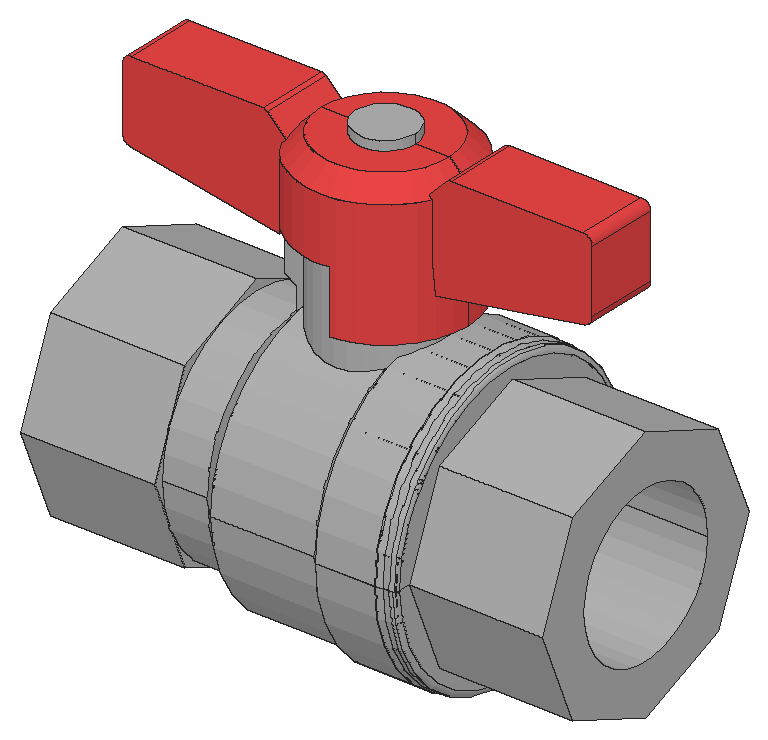
Revit family "QA01600000", category Apparecchi idraulici, Revit 2016
Family settings
  Tipo di parte = Normale
  Quota connettore circolare = Usa diametro
  Numero OmniClass = 23.45.00.00
  Titolo OmniClass = Sanitary, Laundry, and Cleaning Equipment
  Basato su piano di lavoro = No
  Sempre verticale = Sì
  Taglio con vuoti quando caricato = No
  Condiviso = No
  Punto di calcolo locali = No
Parameters
  URL = "https://web.cimberio.it/index.php/figura/1027?subcategoria_id=41693"
  DN Model [instance] = QA01601025 : QA01601025
  DN [instance] = 25 mm
Reference planes
  plane 1 "Centro (Fronte/Retro)": y = 0
  plane 2: z = 0
  plane 3 "Centro (Sinistra/Destra)": x = 0
Dimensions and locks
  aligned and locked: level to plane 2
Nested families
  nested 1: "QA01601025" at (0, 0, 0), type <- "DN Model", type "QA01601025"
  nested 2: "QA01601025" at (0, 0, 0), type <- "DN Model", type "QA01601025"
  nested 3: "QA01601025" at (0, 0, 0), type <- "DN Model", type "QA01601025"
  nested 4: "QA01601025" at (0, 0, 0), type <- "DN Model", type "QA01601025"
  nested 5: "QA01601025" at (0, 0, 0), type <- "DN Model", type "QA01601025"
  nested 6: "QA01601025" at (0, 0, 0), type <- "DN Model", type "QA01601025"
  nested 7: "QA01601025" at (0, 0, 0), type <- "DN Model", type "QA01601025"
  nested 8: "QA01601025" at (0, 0, 0), type <- "DN Model", type "QA01601025"
Connectors
  piping at (41.568, 0, 0), diameter 25, driven by "DN"
    settings: on nested 1, index 1, connector inside diameter 609.6 mm, connector length 0 mm, flow factor 0, pipe flow 0.0 L/s, pressure drop 0.0 Pa, fitting loss kfactor 0, connector angle 0.00°, fixture units 0, engagement length 0 mm, angle of deflection 0.00°, flow configuration 0, flow direction 0, fitting loss method 0, system type 7, joint type 0, gender type 0, connector reference index -1, connector utility 0, adjustable connector no, is connector primary yes, connector description ""
  piping at (-42.032, 0, 0), diameter 25, driven by "DN"
    settings: on nested 1, index 2, connector inside diameter 609.6 mm, connector length 0 mm, flow factor 0, pipe flow 0.0 L/s, pressure drop 0.0 Pa, fitting loss kfactor 0, connector angle 0.00°, fixture units 0, engagement length 0 mm, angle of deflection 0.00°, flow configuration 0, flow direction 0, fitting loss method 0, system type 7, joint type 0, gender type 0, connector reference index -1, connector utility 0, adjustable connector no, is connector primary no, connector description ""
Definition of nested family "QA01601025"
  Reference planes
    plane 1 "Centro (Fronte/Retro)": y = 0
    plane 2: z = 0
    plane 3 "Centro (Sinistra/Destra)": x = 0
  Forms (mm)
    Extrusion 1, solid
      sketch origin (0, 0, 23.55) x (1, 0, 0) y (0, 1, 0)
        loop
          circle (0, 0) r 10.25
        loop
          circle (0, 0) r 6.348
      from -11.092 to 15.409
    Extrusion 2, solid
      sketch origin (-1.996, 0, -0.045) x (1, 0, 0) y (0, 0, 1)
        loop
          line (-13, 30.345) -> (-13, 24.043) -> (-11, 22.888) -> (-11, 12.504) -> (-5.604, 12.504) -> (-5.604, 30.345) -> (-13, 30.345)
      from 0 to 1.497
    Extrusion 3, solid
      sketch origin (0, 0, 48.769) x (0, 1, 0) y (-1, 0, 0)
        loop
          circle (0, 0) r 4.75
      from 0 to 1.5
    Revolve 4, solid
      sketch origin (0, 0, 0) x (0, 1, 0) y (-1, 0, 0)
        loop
          line (9.248, 20.6) -> (9.248, -20.096) -> (22.254, -20.096)
          arc (22.254, -20.096) -> (22.958, -19.804) -> (23.25, -19.1) r 0.996
          line (23.25, -19.1) -> (23.25, -17.98) -> (23.5, -16.977) -> (23.5, -7.6) -> (22.3, -6.4) -> (22.3, 10.1) -> (19, 13.4) -> (19, 20.6) -> (9.248, 20.6)
        axis (0, 20.6) -> (0, -20.096)
      angle from 0 to 360
    Revolve 5, solid
      sketch origin (0, 0, -5) x (1, 0, 0) y (0, 0, 1)
        loop
          line (0, 53.806) -> (-10.244, 53.806) -> (-13.25, 50.8) -> (-13.25, 30.778) -> (-10.467, 30.778) -> (-10.467, 45.453) -> (0, 45.453) -> (0, 53.806)
        axis (0, 30.778) -> (0, 53.806)
      angle from 0 to 360
    Extrusion 6, void
      sketch origin (0, 0, 53.3) x (-1, 0, 0) y (0, 1, 0)
        loop
          line (14.025, 0) -> (10.467, 0)
          arc (10.467, 0) -> (6.812, -7.947) -> (-1.6, -10.344) r 10.467
          line (-1.6, -10.344) -> (-1.6, -13.934)
          arc (-1.6, -13.934) -> (9.334, -10.468) -> (14.025, 0) r 14.025
      from 17.5 to 31.018
    Revolve 7, solid
      sketch origin (0, 0, 0) x (0, 1, 0) y (-1, 0, 0)
        loop
          line (12.412, 20.6) -> (12.412, -20.1) -> (22.25, -20.1)
          arc (22.25, -20.1) -> (22.957, -19.807) -> (23.25, -19.1) r 1
          line (23.25, -19.1) -> (23.25, -18.071) -> (23.5, -17.138) -> (23.5, -7.6) -> (22.3, -6.4) -> (22.3, 10.1) -> (19, 13.4) -> (19, 20.6) -> (12.412, 20.6)
        axis (0, 20.6) -> (0, -20.1)
      angle from 0 to 360
    Extrusion 8, solid
      sketch origin (0, 0, 0) x (1, 0, 0) y (0, 0, 1)
        loop
          arc (-14.325, 49.208) -> (-14.649, 49.425) -> (-15.032, 49.501) r 1
          line (-15.032, 49.501) -> (-36.032, 49.501)
          arc (-36.032, 49.501) -> (-37.092, 49.062) -> (-37.532, 48.001) r 1.5
          line (-37.532, 48.001) -> (-37.532, 37.978)
          arc (-37.532, 37.978) -> (-37.181, 37.014) -> (-36.292, 36.501) r 1.5
          line (-36.292, 36.501) -> (-12.471, 32.301) -> (-11.124, 46.001) -> (-14.325, 49.208)
        loop
          line (14.325, 49.208) -> (11.124, 46.001) -> (12.471, 32.301) -> (36.292, 36.501)
          arc (36.292, 36.501) -> (37.181, 37.014) -> (37.532, 37.978) r 1.5
          line (37.532, 37.978) -> (37.532, 48.001)
          arc (37.532, 48.001) -> (37.092, 49.062) -> (36.032, 49.501) r 1.5
          line (36.032, 49.501) -> (15.032, 49.501)
          arc (15.032, 49.501) -> (14.649, 49.425) -> (14.325, 49.208) r 1
      from -5.938 to 5.674
    Extrusion 9, solid
      sketch origin (-16, 0, 0) x (0, 0, 1) y (0, 1, 0)
        loop
          circle (0, 0) r 12.5
        loop
          line (20.5, 0) -> (14.496, 14.496) -> (0, 20.5) -> (-14.496, 14.496) -> (-20.5, 0) -> (-14.496, -14.496) -> (0, -20.5) -> (14.496, -14.496) -> (20.5, 0)
      from 4.6 to 26.032
    Extrusion 10, solid
      sketch origin (16, 0, 0) x (0, 0, 1) y (0, -1, 0)
        loop
          circle (0, 0) r 12.5
        loop
          line (20.5, 0) -> (14.496, 14.496) -> (0, 20.5) -> (-14.496, 14.496) -> (-20.5, 0) -> (-14.496, -14.496) -> (0, -20.5) -> (14.496, -14.496) -> (20.5, 0)
      from 4.096 to 25.568
  Cuts and joins
    Extrusion 6 cuts Revolve 5
  Dimensions and locks
    aligned and locked: level to plane 2
